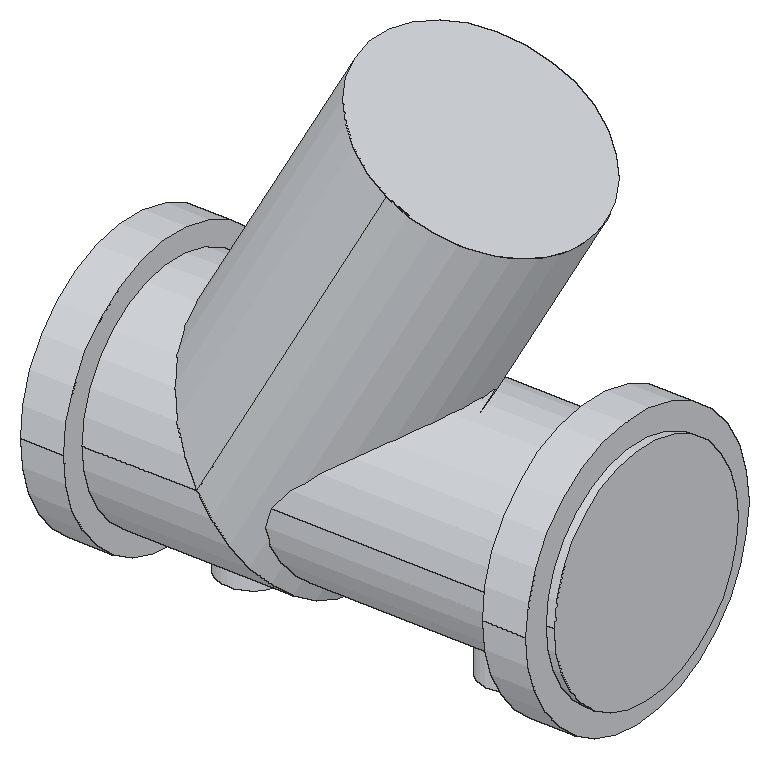
Revit family "HS 821-síto_jemné-PN16-DN350-RFA_2018", category Pipe Accessories, Revit 2018
Family settings
  Round Connector Dimension = Use Diameter
  Part Type = Breaks Into
  Work Plane-Based = No
  Always vertical = Yes
  Cut with Voids When Loaded = No
  Shared = No
Parameters (values of type "821A-DN350-PN16-síto_jemné")
  magiProductId = "eebc71459bb3451bb4355e7951370a"
  magiProductFamilyId = "79214ac3aaa945e397802f559f5c1e"
  magiPartTypeId = 307
  isMeasuringValve [instance] = no
  ang2D [instance] = 0.00°
  ZB__ve = -ZB  # -80 mm
  ZB1 = 173.745 mm
  ZB = 80 mm
  X2 = 356.875 mm
  X1 = 137.2 mm
  W2D = 15 mm
  VersionID = "2.0/2017.9.26.1/ZETKAMA_821_001"
  Use Minimum Symbol Size [instance] = yes
  URL = "www.hydronix.cz"
  Type Comments = "Filtr přírubový; síto jemné; A-PN16 (-10~300°C); D-PN25 (-10~350°C); F-PN40 (-10~400°C)"
  S = 429 mm
  QmdConnectorList = "301;D;302;D"
  Productdata [instance] = ""
  Manufacturer = "Hydronix"
  MC Product Code = "200 196 (821A; DN350; PN16; kvs2611,0; oko síta 0,63mm)"
  LM1 = 78.4 mm
  LM = 784 mm
  L4 = 245 mm
  L2D_Min = 3048 mm
  L2D = 130 mm
  L2 = 490 mm
  HH2 = 618.125 mm
  FD = 520 mm
  Description = "Filtr přírubový; síto jemné; 821A-PN16; 821D-PN25; 821F-PN40"
  DM1 = 438 mm
  DM = 386.1 mm
  D = 350 mm
  CC = 16.66 mm
  CAT0 = yes
  C1 = 81.34 mm
  C = 98 mm
  BD = 121.621 mm
Types (40, lengths in mm): name | magiProductId | ZB__ve | ZB1 | ZB | X2 | X1 | S | MC Product Code | LM1 | LM | L4 | L2 | HH2 | FD | DM1 | DM | D | CC | C1 | C | BD
  821A-DN015-PN16-síto_jemné | "a71bcfe8b393460598b23e8ddf7dc5" | -16.25 | 18.63 | 16.25 | 46.982 | 18.2 | 46 | "210 115 (821A; DN015; PN16; kvs6,2; oko síta 0,63mm)" | 10.4 | 104 | 32.5 | 65 | 81.375 | 95 | 27.6 | 41.4 | 15 | 2.21 | 10.79 | 13 | 13.041
  821A-DN020-PN16-síto_jemné | "41cd6c7a12924f4991217528336076" | -17.75 | 22.68 | 17.75 | 51.673 | 21 | 56 | "210 120 (821A; DN020; PN16; kvs9,6; oko síta 0,63mm)" | 12 | 120 | 37.5 | 75 | 89.5 | 105 | 33.6 | 50.4 | 20 | 2.55 | 12.45 | 15 | 15.876
  821A-DN025-PN16-síto_jemné | "be378b463ed14c3abf4c9b3ae8cf3a" | -19.25 | 26.325 | 19.25 | 58.601 | 22.4 | 65 | "210 125 (821A; DN025; PN16; kvs14,2; oko síta 0,63mm)" | 12.8 | 128 | 40 | 80 | 101.5 | 115 | 43.2 | 58.5 | 25 | 2.72 | 13.28 | 16 | 18.427
  821A-DN032-PN16-síto_jemné | "227a0d18b21540afabe8b6067d35fa" | -23 | 30.78 | 23 | 68.849 | 25.2 | 76 | "210 132 (821A; DN032; PN16; kvs23,1; oko síta 0,63mm)" | 14.4 | 144 | 45 | 90 | 119.25 | 140 | 50.4 | 68.4 | 32 | 3.06 | 14.94 | 18 | 21.546
  821A-DN040-PN16-síto_jemné | "d106917c74724141a10440112d0102" | -24.5 | 34.02 | 24.5 | 75.777 | 28 | 84 | "210 140 (821A; DN040; PN16; kvs36,6; oko síta 0,63mm)" | 16 | 160 | 50 | 100 | 131.25 | 150 | 60 | 75.6 | 40 | 3.4 | 16.6 | 20 | 23.814
  821A-DN050-PN16-síto_jemné | "8255d456a09e4f6486734f5dd9171b" | -26.75 | 40.095 | 26.75 | 79.061 | 32.2 | 99 | "210 150 (821A; DN050 PN16; kvs53,7; oko síta 0,63mm)" | 18.4 | 184 | 57.5 | 115 | 136.938 | 165 | 73.8 | 89.1 | 50 | 3.91 | 19.09 | 23 | 28.066
  821A-DN065-PN16-síto_jemné | "235b1b3e4c0843779a4d5e3716d40a" | -29.75 | 47.79 | 29.75 | 86.927 | 40.6 | 118 | "210 165 (821A; DN065; PN16; kvs95,1; oko síta 0,63mm)" | 23.2 | 232 | 72.5 | 145 | 150.562 | 185 | 94.2 | 106.2 | 65 | 4.93 | 24.07 | 29 | 33.453
  821A-DN080-PN16-síto_jemné | "a067f7c5236348ed8c820d16df7214" | -32 | 53.46 | 32 | 104.753 | 43.4 | 132 | "210 180 (821A; DN080; PN16; kvs137,1; oko síta 0,63mm)" | 24.8 | 248 | 77.5 | 155 | 181.438 | 200 | 107.4 | 118.8 | 80 | 5.27 | 25.73 | 31 | 37.422
  821A-DN100-PN16-síto_jemné | "c49a648c2747461285837d643703cd" | -35 | 63.18 | 35 | 114.857 | 49 | 156 | "210 190 (821A; DN100; PN16; kvs206,4; oko síta 0,63mm)" | 28 | 280 | 87.5 | 175 | 198.937 | 220 | 131.4 | 140.4 | 100 | 5.95 | 29.05 | 35 | 44.226
  821A-DN125-PN16-síto_jemné | "bf68e728a163493cbd2a663b26ebdc" | -39.5 | 74.52 | 39.5 | 131.888 | 56 | 184 | "210 191 (821A; DN125; PN16; kvs268,8; oko síta 0,63mm)" | 32 | 320 | 100 | 200 | 228.438 | 250 | 165 | 165.6 | 125 | 6.8 | 33.2 | 40 | 52.164
  821A-DN150-PN16-síto_jemné | "2de770284b654863ae6bc865769dc5" | -44.75 | 85.455 | 44.75 | 155.885 | 67.2 | 211 | "210 192 (821A; DN150; PN16; kvs401,4; oko síta 0,63mm)" | 38.4 | 384 | 120 | 240 | 270 | 285 | 192 | 189.9 | 150 | 8.16 | 39.84 | 48 | 59.818
  821A-DN200-PN16-síto_jemné | "8e5693371ab64aabb29a7f08c76e15" | -53 | 107.73 | 53 | 188.361 | 84 | 266 | "210 193 (821A; DN200; PN16; kvs706,7; oko síta 0,63mm)" | 48 | 480 | 150 | 300 | 326.25 | 340 | 252 | 239.4 | 200 | 10.2 | 49.8 | 60 | 75.411
  821A-DN250-PN16-síto_jemné | "05e37ed948c34047acdd4c42556504" | -62.75 | 129.195 | 62.75 | 255.911 | 102.2 | 319 | "210 194 (821A; DN250; PN16; kvs1229,4; oko síta 0,63mm)" | 58.4 | 584 | 182.5 | 365 | 443.25 | 405 | 309.6 | 287.1 | 250 | 12.41 | 60.59 | 73 | 90.436
  821A-DN300-PN16-síto_jemné | "9ad0af747269428da925480d83ce80" | -71 | 149.85 | 71 | 325.914 | 119 | 370 | "210 195 (821A; DN300; PN16; kvs1902,4; oko síta 0,63mm)" | 68 | 680 | 212.5 | 425 | 564.5 | 460 | 369.6 | 333 | 300 | 14.45 | 70.55 | 85 | 104.895
  821A-DN350-PN16-síto_jemné | "eebc71459bb3451bb4355e7951370a" | -80 | 173.745 | 80 | 356.875 | 137.2 | 429 | "200 196 (821A; DN350; PN16; kvs2611,0; oko síta 0,63mm)" | 78.4 | 784 | 245 | 490 | 618.125 | 520 | 438 | 386.1 | 350 | 16.66 | 81.34 | 98 | 121.621
  821A-DN400-PN16-síto_jemné | "d2f677cb196647e385b2590e7d8abe" | -89 | 194.4 | 89 | 392.237 | 154 | 480 | "210 197 (821A; DN400; PN16; kvs3438,4; oko síta 0,63mm)" | 88 | 880 | 275 | 550 | 679.375 | 580 | 498 | 432 | 400 | 18.7 | 91.3 | 110 | 136.08
  821D-DN015-PN25-síto_jemné | "27ddcbf555414f8ca1fde329bf9087" | -16.25 | 18.63 | 16.25 | 46.982 | 18.2 | 46 | "210 215 (821D; DN015; PN25; kvs6,2; oko síta 0,63mm)" | 10.4 | 104 | 32.5 | 65 | 81.375 | 95 | 27.6 | 41.4 | 15 | 2.21 | 10.79 | 13 | 13.041
  821D-DN020-PN25-síto_jemné | "270e0f14012f47189cd0235c18faee" | -17.75 | 22.68 | 17.75 | 51.673 | 21 | 56 | "210 220 (821D; DN020; PN25; kvs9,6; oko síta 0,63mm)" | 12 | 120 | 37.5 | 75 | 89.5 | 105 | 33.6 | 50.4 | 20 | 2.55 | 12.45 | 15 | 15.876
  821D-DN025-PN25-síto_jemné | "b9a7fb4aa36643878c637d8e1ab992" | -19.25 | 26.325 | 19.25 | 58.601 | 22.4 | 65 | "210 225 (821D; DN025; PN25; kvs14,2; oko síta 0,63mm)" | 12.8 | 128 | 40 | 80 | 101.5 | 115 | 43.2 | 58.5 | 25 | 2.72 | 13.28 | 16 | 18.427
  821D-DN032-PN25-síto_jemné | "6be9a55c4e68400f94eec7e804204c" | -23 | 30.78 | 23 | 68.849 | 25.2 | 76 | "210 232 (821D; DN032; PN25; kvs23,1; oko síta 0,63mm)" | 14.4 | 144 | 45 | 90 | 119.25 | 140 | 50.4 | 68.4 | 32 | 3.06 | 14.94 | 18 | 21.546
  821D-DN040-PN25-síto_jemné | "c54511bd7f584ec2984291479612cb" | -24.5 | 34.02 | 24.5 | 75.777 | 28 | 84 | "210 240 (821D; DN040; PN25; kvs36,6; oko síta 0,63mm)" | 16 | 160 | 50 | 100 | 131.25 | 150 | 60 | 75.6 | 40 | 3.4 | 16.6 | 20 | 23.814
  821D-DN050-PN25-síto_jemné | "5483b1f596b04cd39b23a14a22c90e" | -26.75 | 40.095 | 26.75 | 79.061 | 32.2 | 99 | "210 250 (821D; DN050; PN25; kvs53,7; oko síta 0,63mm)" | 18.4 | 184 | 57.5 | 115 | 136.938 | 165 | 73.8 | 89.1 | 50 | 3.91 | 19.09 | 23 | 28.066
  821D-DN065-PN25-síto_jemné | "767b0f8318e94750bc7a9930ed5b30" | -29.75 | 47.79 | 29.75 | 86.927 | 40.6 | 118 | "210 265 (821D; DN065; PN25; kvs95,1; oko síta 0,63mm)" | 23.2 | 232 | 72.5 | 145 | 150.562 | 185 | 94.2 | 106.2 | 65 | 4.93 | 24.07 | 29 | 33.453
  821D-DN080-PN25-síto_jemné | "e21040fa3cc2404b858198f6b73709" | -32 | 53.46 | 32 | 104.753 | 43.4 | 132 | "210 280 (821D; DN080; PN25; kvs137,1; oko síta 0,63mm)" | 24.8 | 248 | 77.5 | 155 | 181.438 | 200 | 107.4 | 118.8 | 80 | 5.27 | 25.73 | 31 | 37.422
  821D-DN100-PN25-síto_jemné | "175ca87a506b40b3bc6b82f12f33cf" | -37.25 | 63.18 | 37.25 | 114.857 | 49 | 156 | "210 290 (821D; DN100; PN25; kvs206,4; oko síta 0,63mm)" | 28 | 280 | 87.5 | 175 | 198.937 | 235 | 131.4 | 140.4 | 100 | 5.95 | 29.05 | 35 | 44.226
  821D-DN125-PN25-síto_jemné | "77cc98d60da24855999a22dff726b2" | -42.5 | 74.52 | 42.5 | 131.888 | 56 | 184 | "210 291 (821D; DN125; PN25; kvs268,8; oko síta 0,63mm)" | 32 | 320 | 100 | 200 | 228.438 | 270 | 165 | 165.6 | 125 | 6.8 | 33.2 | 40 | 52.164
  821D-DN150-PN25-síto_jemné | "9cf8acfcd15547d68e83172d3abcbe" | -47 | 85.455 | 47 | 155.885 | 67.2 | 211 | "210 292 (821D; DN150; PN25; kvs401,4; oko síta 0,63mm)" | 38.4 | 384 | 120 | 240 | 270 | 300 | 192 | 189.9 | 150 | 8.16 | 39.84 | 48 | 59.818
  821D-DN200-PN25-síto_jemné | "16973f3c9ea14389ba8602495a6b64" | -56 | 110.97 | 56 | 188.361 | 84 | 274 | "210 293 (821D; DN200; PN25; kvs706,7; oko síta 0,63mm)" | 48 | 480 | 150 | 300 | 326.25 | 360 | 252 | 246.6 | 200 | 10.2 | 49.8 | 60 | 77.679
  821F-DN015-PN40-síto_jemné | "4c7eaf3c4c0340888b3e684d8a8616" | -16.25 | 18.225 | 16.25 | 46.982 | 18.2 | 45 | "250 615 (821F; DN015; PN40; kvs6,2; oko síta 0,63mm)" | 10.4 | 104 | 32.5 | 65 | 81.375 | 95 | 27.6 | 40.5 | 15 | 2.21 | 10.79 | 13 | 12.757
  821F-DN020-PN40-síto_jemné | "aaac5f1ec96b44d6ba96ac2293d66d" | -17.75 | 23.49 | 17.75 | 51.673 | 21 | 58 | "250 620 (821F; DN020; PN40; kvs9,6; oko síta 0,63mm)" | 12 | 120 | 37.5 | 75 | 89.5 | 105 | 33.6 | 52.2 | 20 | 2.55 | 12.45 | 15 | 16.443
  821F-DN025-PN40-síto_jemné | "504768023968471481789485b54c7e" | -19.25 | 27.54 | 19.25 | 58.601 | 22.4 | 68 | "250 625 (821F; DN025; PN40; kvs14,2; oko síta 0,63mm)" | 12.8 | 128 | 40 | 80 | 101.5 | 115 | 43.2 | 61.2 | 25 | 2.72 | 13.28 | 16 | 19.278
  821F-DN032-PN40-síto_jemné | "165e7f39cf744f329bdf1c400dad12" | -23 | 31.59 | 23 | 68.849 | 25.2 | 78 | "250 632 (821F; DN032; PN40; kvs23,1; oko síta 0,63mm)" | 14.4 | 144 | 45 | 90 | 119.25 | 140 | 50.4 | 70.2 | 32 | 3.06 | 14.94 | 18 | 22.113
  821F-DN040-PN40-síto_jemné | "b8903f952089408fbf3a5a632bab1f" | -24.5 | 35.64 | 24.5 | 75.777 | 28 | 88 | "250 640 (821F; DN040; PN40; kvs36,6; oko síta 0,63mm)" | 16 | 160 | 50 | 100 | 131.25 | 150 | 60 | 79.2 | 40 | 3.4 | 16.6 | 20 | 24.948
  821F-DN050-PN40-síto_jemné | "c451f97266fe48da8f879cb6a2bd44" | -26.75 | 41.31 | 26.75 | 79.061 | 32.2 | 102 | "250 650 (821F; DN050; PN40; kvs53,7; oko síta 0,63mm)" | 18.4 | 184 | 57.5 | 115 | 136.938 | 165 | 73.8 | 91.8 | 50 | 3.91 | 19.09 | 23 | 28.917
  821F-DN065-PN40-síto_jemné | "dc9821e3f9b34e128f6a8c6b34c198" | -29.75 | 49.41 | 29.75 | 86.927 | 40.6 | 122 | "250 665 (821F; DN065; PN40; kvs95,1; oko síta 0,63mm)" | 23.2 | 232 | 72.5 | 145 | 150.562 | 185 | 94.2 | 109.8 | 65 | 4.93 | 24.07 | 29 | 34.587
  821F-DN080-PN40-síto_jemné | "689aa1e260f84cf4994f027a1d86b5" | -32 | 55.89 | 32 | 104.753 | 43.4 | 138 | "250 680 (821F; DN080; PN40; kvs137,1; oko síta 0,63mm)" | 24.8 | 248 | 77.5 | 155 | 181.438 | 200 | 107.4 | 124.2 | 80 | 5.27 | 25.73 | 31 | 39.123
  821F-DN100-PN40-síto_jemné | "8a45d4e8e2ab425f8c432f21d684f3" | -37.25 | 65.61 | 37.25 | 114.857 | 49 | 162 | "250 690 (821F; DN100; PN40; kvs206,4; oko síta 0,63mm)" | 28 | 280 | 87.5 | 175 | 198.937 | 235 | 131.4 | 145.8 | 100 | 5.95 | 29.05 | 35 | 45.927
  821F-DN125-PN40-síto_jemné | "cf073904c006406b8645afa67ea2fc" | -42.5 | 76.14 | 42.5 | 131.888 | 56 | 188 | "250 691 (821F; DN125; PN40; kvs268,8; oko síta 0,63mm)" | 32 | 320 | 100 | 200 | 228.438 | 270 | 165 | 169.2 | 125 | 6.8 | 33.2 | 40 | 53.298
  821F-DN150-PN40-síto_jemné | "0153b9ddabe14992a630484929fdbc" | -47 | 88.29 | 47 | 155.885 | 67.2 | 218 | "250 692 (821F; DN150; PN40; kvs401,4; oko síta 0,63mm)" | 38.4 | 384 | 120 | 240 | 270 | 300 | 192 | 196.2 | 150 | 8.16 | 39.84 | 48 | 61.803
  821F-DN200-PN40-síto_jemné | "7fb3fc01dd8d42428c203e3f8dd4d5" | -56 | 115.425 | 56 | 188.361 | 84 | 285 | "250 693 (821F; DN200; PN40; kvs706,7; oko síta 0,63mm)" | 48 | 480 | 150 | 300 | 326.25 | 360 | 252 | 256.5 | 200 | 10.2 | 49.8 | 60 | 80.797
Reference planes
  plane 1 "Center (Front/Back)": y = 0
  plane 2 "XYPLANE": z = 0
  plane 3 "Center (Left/Right)": x = 0
  plane 4 "109": x = -313.6
  plane 5 "108": x = 392
  plane 6 "107": x = -392
  plane 7 "105": x = 490
  plane 8 "104": x = -490
  plane 9 "103": y = 0
  plane 10 "102": z = 0
  plane 11 "101": x = -473.34
  plane 12 "100": x = 473.34
  plane 13 "11": x = -176.4
  plane 14 "10": z = 618.125
  plane 15 "9": x = 180.475
  plane 16 "5": z = -173.745
  plane 17 "4": x = -245
  plane 18 "1": x = 245
Forms (mm)
  Extrusion 1, solid, visible <- "CAT0"
    sketch origin (-392, -750, 0) x (0, 1, 0) y (0, 0, 1)
      loop
        circle (750, 0) r 193.05
    from 0 to 784 <- "LM"
  Extrusion 2, solid
    sketch origin (-490, -750, 0) x (0, 1, 0) y (0, 0, 1)
      loop
        circle (750, 0) r 214.5
    from 0 to 16.66 <- "CC"
  Extrusion 3, solid
    sketch origin (-473.34, -750, 0) x (0, 1, 0) y (0, 0, 1)
      loop
        circle (750, 0) r 260
    from 0 to 81.34 <- "C1"
  Extrusion 4, solid
    sketch origin (392, -750, 0) x (0, 1, 0) y (0, 0, 1)
      loop
        circle (750, 0) r 260
    from 0 to 81.34 <- "C1"
  Extrusion 5, solid
    sketch origin (473.34, -750, 0) x (0, 1, 0) y (0, 0, 1)
      loop
        circle (750, 0) r 214.5
    from 0 to 16.66 <- "CC"
  Sweep 6, solid, visible <- "CAT0"
    path origin (750, 0, 0) x (-1, 0, 0) y (0, 0, 1)
      loop
        line (1142, 0) -> (926.4, 0) -> (569.525, 618.125)
    profile origin (-392, 0, 0) x (0, 0, -1) y (0, 1, 0)
      loop
        circle (0, 0) r 219
  Extrusion 7, solid, visible <- "CAT0"
    sketch origin (-750, 0, -173.745) x (1, 0, 0) y (0, 1, 0)
      loop
        circle (505, 0) r 60.811
    from 0 to -80 <- "ZB__ve"
  Extrusion 8, solid, visible <- "CAT0"
    sketch origin (-750, 0, -173.745) x (1, 0, 0) y (0, 1, 0)
      loop
        circle (995, 0) r 60.811
    from 0 to -80 <- "ZB__ve"
  Extrusion 9, solid, not visible
    sketch origin (490, -750, 0) x (0, 1, 0) y (0, 0, 1)
      loop
        circle (750, 0) r 10
    from 0 to -10
  Extrusion 10, solid, not visible
    sketch origin (-490, -750, 0) x (0, 1, 0) y (0, 0, 1)
      loop
        circle (750, 0) r 10
    from 0 to 10
Lines and regions (mm)
  reference lines, not visible
    curve 1: circle (2, 2, 0) r 1 normal (0, 0, 1)
Dimensions and locks
  plane 1 "Center (Front/Back)" to curve 1 = 2 mm
  "LM1": plane 6 "107" to plane 4 "109"
  "LM": plane 6 "107" to plane 5 "108"
  "C": plane 8 "104" to plane 6 "107"
  "L2": plane 3 "Center (Left/Right)" to plane 7 "105"
  "L2": plane 3 "Center (Left/Right)" to plane 8 "104"
  locked: plane 1 "Center (Front/Back)" to plane 9 "103"
  locked: plane 2 "XYPLANE" to plane 10 "102"
  "CC": plane 8 "104" to plane 11 "101"
  "C1": plane 5 "108" to plane 12 "100"
  "X1": plane 4 "109" to plane 13 "11"
  "HH2": plane 2 "XYPLANE" to plane 14 "10"
  "X2": plane 13 "11" to plane 15 "9"
  "ZB1": plane 2 "XYPLANE" to plane 16 "5"
  "L4": plane 8 "104" to plane 17 "4"
  "L2": plane 17 "4" to plane 18 "1"
  Sweep 6 sketch curve to Sweep 6 sketch curve = 0 mm  (x2)
  "DM": diameter of Extrusion 1 sketch curve
  "S": diameter of Extrusion 2 sketch curve
  "FD": diameter of Extrusion 3 sketch curve
  "FD": diameter of Extrusion 4 sketch curve
  "S": diameter of Extrusion 5 sketch curve
  "DM1": diameter of Sweep 6 sketch curve
  "BD": diameter of Extrusion 7 sketch curve
  "BD": diameter of Extrusion 8 sketch curve
  aligned and locked: level to plane 2 "XYPLANE"
  aligned and locked: Extrusion 1 sketch curve to plane 9 "103"
  aligned and locked: plane 10 "102" to Extrusion 1 sketch curve
  aligned and locked: Extrusion 2 sketch curve to plane 9 "103"
  aligned and locked: plane 10 "102" to Extrusion 2 sketch curve
  aligned and locked: Extrusion 3 sketch curve to plane 9 "103"
  aligned and locked: plane 10 "102" to Extrusion 3 sketch curve
  aligned and locked: Extrusion 4 sketch curve to plane 9 "103"
  aligned and locked: plane 10 "102" to Extrusion 4 sketch curve
  aligned and locked: Extrusion 5 sketch curve to plane 9 "103"
  aligned and locked: plane 10 "102" to Extrusion 5 sketch curve
  aligned and locked: Sweep 6 sketch curve to plane 9 "103"
  aligned and locked: plane 10 "102" to Sweep 6 sketch curve  (x3)
  aligned and locked: plane 6 "107" to Sweep 6 sketch curve
  aligned and locked: plane 13 "11" to Sweep 6 sketch curve
  aligned and locked: plane 14 "10" to Sweep 6 sketch curve
  aligned and locked: plane 15 "9" to Sweep 6 sketch curve
  aligned and locked: plane 9 "103" to Extrusion 7 sketch curve
  aligned and locked: plane 17 "4" to Extrusion 7 sketch curve
  aligned and locked: plane 9 "103" to Extrusion 8 sketch curve
  aligned and locked: plane 18 "1" to Extrusion 8 sketch curve
  aligned and locked: Extrusion 9 sketch curve to plane 9 "103"
  aligned and locked: plane 10 "102" to Extrusion 9 sketch curve
  aligned and locked: Extrusion 10 sketch curve to plane 9 "103"
  aligned and locked: plane 10 "102" to Extrusion 10 sketch curve
Automatic sketch dimensions
  plane 1 "Center (Front/Back)" to Extrusion 9 sketch curve = 10 mm
  plane 1 "Center (Front/Back)" to Extrusion 10 sketch curve = 10 mm
  plane 3 "Center (Left/Right)" to curve 1 = 2 mm
  radius of curve 1 = 1 mm
Connectors
  piping at (-490, 0, 0), diameter 350, driven by "D"
    settings: on Extrusion 10, index 1, connector inside diameter 609.6 mm, connector length 0 mm, flow factor 0, pipe flow 0.0 L/s, pressure drop 0.0 Pa, fitting loss kfactor 0, connector angle 0.00°, fixture units 0, engagement length 0 mm, angle of deflection 0.00°, flow configuration 0, flow direction 0, fitting loss method 0, system type 29, joint type 0, gender type 0, connector reference index 2, connector utility 0, adjustable connector no, is connector primary yes, connector description ""
  piping at (490, 0, 0), diameter 350, driven by "D"
    settings: on Extrusion 9, index 2, connector inside diameter 609.6 mm, connector length 0 mm, flow factor 0, pipe flow 0.0 L/s, pressure drop 0.0 Pa, fitting loss kfactor 0, connector angle 0.00°, fixture units 0, engagement length 0 mm, angle of deflection 0.00°, flow configuration 0, flow direction 0, fitting loss method 0, system type 29, joint type 0, gender type 0, connector reference index 1, connector utility 0, adjustable connector no, is connector primary no, connector description ""
